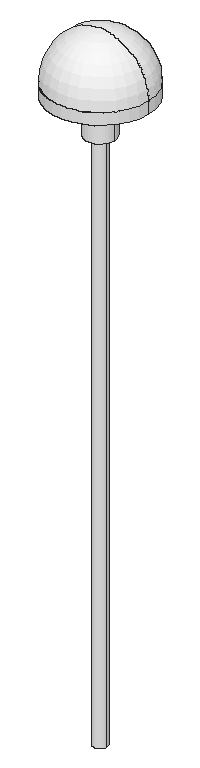
Revit family "Zumtobel LM-TLM", category Lighting Fixtures, host Face, Revit 2014
Parameters (values of type "LM-TLM")
  Width = 355 mm  # constant formula
  URL = "hwww.zumtobel.co.uk/20724105"
  Type Comments = "© Zumtobel. We reserve the right to make technical changes without prior notice."  # constant formula
  Model = "20724105"
  Manufacturer = "Zumtobel Lighting"  # constant formula
  Length Gin Pole [instance] = 2000 mm
  Length = 355 mm  # constant formula
  Lamp = ""
  Height = 350 mm  # constant formula
  Description = "External daylight sensor"  # constant formula
  Default Elevation = 0 mm
  Cover [instance] = Zumtobel_Acryl Transparent
  Body [instance] = Zumtobel_Stainless Steel
  Assembly Code = "D5020200"
  Apparent Load = 0 VA  # constant formula
Reference planes
  plane 1 "Center (Front/Back)": y = -48.5
  plane 2 "Top": z = 0
  plane 3 "Center (Left/Right)": x = -0.5
  plane 4: z = 2350
  plane 5: z = 2130
  plane 6: z = 2000
  plane 7: z = 2172.5
  plane 8: z = 2247.5
  plane 9: z = 2297.5
Forms (mm)
  Revolve 1, solid, material "Zumtobel_Stainless Steel" <- "Body"
    sketch origin (0, -48.5, 0) x (1, 0, 0) y (0, 0, 1)
      loop
        line (-0.5, 2000) -> (-0.5, 2172.5) -> (-178, 2172.5) -> (-178, 2130) -> (-53, 2130) -> (-53, 2000) -> (-0.5, 2000)
      axis (-0.5, 2172.5) -> (-0.5, 2000)
    angle from 0 to 360
  Revolve 2, solid, material "Zumtobel_Acryl Transparent" <- "Cover"
    sketch origin (0, -48.5, 0) x (1, 0, 0) y (0, 0, 1)
      loop
        line (-178, 2172.5) -> (-0.5, 2172.5) -> (-0.5, 2350)
        arc (-0.5, 2350) -> (-126.011, 2298.011) -> (-178, 2172.5) r 177.5
      axis (-0.5, 2350) -> (-0.5, 2172.5)
    angle from 0 to 360
  Extrusion 3, solid, material "Zumtobel_Stainless Steel" <- "Body"
    sketch origin (0, 0, 0) x (1, 0, 0) y (0, 1, 0)
      loop
        circle (-0.5, -48.5) r 25
    from 0 to 2000
  Extrusion 4, solid, material "Zumtobel_Stainless Steel" <- "Body"
    sketch origin (0, -48.5, 0) x (1, 0, 0) y (0, 0, 1)
      loop
        line (99.5, 2172.5) -> (99.5, 2247.5) -> (-100.5, 2247.5) -> (-100.5, 2172.5) -> (99.5, 2172.5)
    from -100 to 100
  Extrusion 5, solid, material "Zumtobel_Stainless Steel" <- "Body"
    sketch origin (0, -48.5, 0) x (1, 0, 0) y (0, 0, 1)
      loop
        line (49.5, 2247.5) -> (49.5, 2297.5) -> (-50.5, 2297.5) -> (-50.5, 2247.5) -> (49.5, 2247.5)
    from -50 to 50
Dimensions and locks
  plane 4 to plane 9 to plane 8 to plane 7 to plane 5 to plane 6 = 52.5 mm locked, 50 mm locked, 75 mm locked, 42.5 mm locked, 130 mm locked
  "Length Gin Pole": plane 6 to plane 2 "Top"
  aligned and locked: plane 2 "Top" to host face
  aligned and locked: level to host face
  aligned and locked: Revolve 1 sketch curve to plane 5
  aligned and locked: Revolve 1 sketch curve to plane 7
  aligned and locked: Revolve 2 sketch curve to plane 7
  aligned and locked: Revolve 2 sketch curve to plane 3 "Center (Left/Right)"
  aligned and locked: Extrusion 3 to plane 2 "Top"
  aligned and locked: plane 6 to Extrusion 3
  aligned and locked: Extrusion 4 sketch curve to plane 8
  aligned and locked: plane 7 to Extrusion 4 sketch curve
  aligned and locked: plane 8 to Extrusion 5 sketch curve
  aligned and locked: Extrusion 5 sketch curve to plane 9
Automatic sketch dimensions
  host sketch curve to host sketch curve = 2438.4 mm  (x2)
  Revolve 1 sketch curve to plane 6 = 0 mm
  Revolve 1 sketch curve to plane 3 "Center (Left/Right)" = 0 mm  (x2)
  Revolve 1 sketch curve to plane 3 "Center (Left/Right)" = 52.5 mm
  plane 4 to Revolve 1 sketch curve = 95 mm
  Revolve 1 sketch curve to Revolve 1 sketch curve = 35 mm
  Revolve 2 sketch curve to plane 3 "Center (Left/Right)" = 0 mm
  Revolve 2 sketch curve to Revolve 2 sketch curve = 97.5 mm
  Revolve 2 sketch curve to Revolve 2 sketch curve = 165 mm
  plane 1 "Center (Front/Back)" to Extrusion 3 sketch curve = 0 mm
  Extrusion 3 sketch curve to plane 3 "Center (Left/Right)" = 0 mm
  Extrusion 5 sketch curve to plane 3 "Center (Left/Right)" = 50 mm
  plane 3 "Center (Left/Right)" to Extrusion 5 sketch curve = 50 mm
  plane 3 "Center (Left/Right)" to Extrusion 4 sketch curve = 100 mm
  Revolve 1 sketch curve to Revolve 1 sketch curve = 125 mm
  Revolve 2 sketch curve to plane 4 = 0 mm
  Extrusion 4 sketch curve to plane 3 "Center (Left/Right)" = 100 mm
  radius of Extrusion 3 sketch curve = 25 mm
